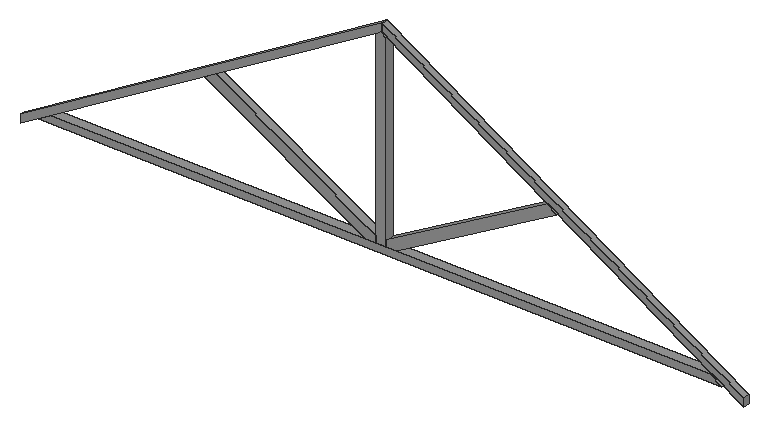
Revit family "QueenPostTruss", category Structural Framing, Revit 2022
Family settings
  Section Shape = Not Defined
  Material for Model Behavior = Wood
  Always export as geometry = No
  OmniClass Number = 23.25.30.21.14
  OmniClass Title = Trussed Beams and Joists
  Work Plane-Based = No
  Always vertical = Yes
  Cut with Voids When Loaded = No
  Symbolic Representation = From Family
  Shared = No
  Show family pre-cut in plan views = Yes
Parameters
  WebWidth [instance] = 120 mm
  WebDepth [instance] = 150 mm
  T_Volume [instance] = 0.00 m³
  TopWidth [instance] = 80 mm
  Structural Material [instance] = Poche
  SpanRight [instance] = 5000 mm
  SpanLeft [instance] = 5000 mm
  Span [instance] = SpanLeft + SpanRight  # 10000 mm
  SlopeRight [instance] = 30.00°
  SlopeLeft [instance] = 30.00°
  OverhangRight [instance] = 300 mm
  OverhangLeft [instance] = 300 mm
  TopDepth [instance] = 100 mm
  BottomWidth [instance] = 150 mm
  BottomDepth [instance] = 100 mm
Reference planes
  plane 1 "Center (Front/Back)": y = 0
  plane 2: z = 0
  plane 3 "Center (Left/Right)": x = 0
  plane 4: x = -5000
  plane 5: x = 5000
  plane 6: x = 5300
  plane 7: x = -5300
  plane 8: z = 100
  plane 9: x = 75
  plane 10: x = -75
  plane 11: x = 2500
  plane 12: x = -2500
Forms (mm)
  Extrusion 1, solid, material "Cherry"
    sketch origin (0, 0, 0) x (1, 0, 0) y (0, 0, 1)
      loop
        line (-5300, -173.205) -> (0, 2886.751) -> (0, 3002.221) -> (-5300, -57.735) -> (-5300, -173.205)
    from -40 to 40
  Extrusion 2, solid, material "Cherry"
    sketch origin (0, 0, 0) x (1, 0, 0) y (0, 0, 1)
      loop
        line (5300, -173.205) -> (5300, -57.735) -> (0, 3002.221) -> (0, 2886.751) -> (5300, -173.205)
    from -40 to 40
  Extrusion 3, solid, material "Cherry"
    sketch origin (0, 0, 0) x (1, 0, 0) y (0, 0, 1)
      loop
        line (-5000, 0) -> (5000, 0) -> (4826.795, 100) -> (-4826.795, 100) -> (-5000, 0)
    from -75 to 75
  Extrusion 4, solid, material "Cherry"
    sketch origin (0, 0, 0) x (1, 0, 0) y (0, 0, 1)
      loop
        line (75, 100) -> (75, 2843.45) -> (0, 2886.751) -> (-75, 2843.45) -> (-75, 100) -> (75, 100)
    from -60 to 60
  Extrusion 5, solid, material "Cherry"
    sketch origin (0, 0, 0) x (1, 0, 0) y (0, 0, 1)
      loop
        line (229.772, 100) -> (2575.787, 1399.62) -> (2424.213, 1487.131) -> (75, 185.739) -> (75, 100) -> (229.772, 100)
    from -60 to 60
  Extrusion 6, solid, material "Cherry"
    sketch origin (0, 0, 0) x (1, 0, 0) y (0, 0, 1)
      loop
        line (-229.772, 100) -> (-75, 100) -> (-75, 185.739) -> (-2424.213, 1487.131) -> (-2575.787, 1399.62) -> (-229.772, 100)
    from -60 to 60
Lines and regions (mm)
  reference lines
    curve 1: line (5000, 0, 0) -> (2315.321, 0, 1550)
    curve 2: line (-5000, 0, 0) -> (-1968.911, 0, 1750)
    curve 3: line (4991.574, 0, 120.335) -> (-8.024, 0, 3006.854)
    curve 4: line (-4966.214, 0, 134.977) -> (-109.65, 0, 2938.915)
    curve 5: line (0, 40, 1939.254) -> (0, 40, -520.746)
    curve 6: line (0, -40, 1939.254) -> (0, -40, -520.746)
    curve 7: line (0, -60, 1939.254) -> (0, -60, -520.746)
    curve 8: line (0, -75, 1939.254) -> (0, -75, -520.746)
    curve 9: line (0, 60, 1939.254) -> (0, 60, -520.746)
    curve 10: line (0, 75, 1939.254) -> (0, 75, -520.746)
    curve 11: line (75, 0, 100) -> (2500, 0, 1443.376)
    curve 12: line (-75, 0, 100) -> (-2500, 0, 1443.376)
    curve 13: line (-88.926, 0, 94.929) -> (2374.346, 0, 1459.506)
    curve 14: line (1.696, 0, -26.348) -> (3007.75, 0, 1638.915)
    curve 15: line (88.926, 0, 94.929) -> (-2374.346, 0, 1459.506)
    curve 16: line (-1.696, 0, -26.348) -> (-2625.654, 0, 1427.245)
Dimensions and locks
  "SpanLeft": plane 3 "Center (Left/Right)" to plane 5
  "SpanRight": plane 3 "Center (Left/Right)" to plane 4
  "OverhangLeft": plane 5 to plane 6
  "OverhangRight": plane 7 to plane 4
  "BottomDepth": level to plane 8
  equal spacing: plane 10, plane 3 "Center (Left/Right)", plane 9
  "WebDepth": plane 10 to plane 9
  "TopDepth": curve 1 to curve 3
  "TopDepth": curve 4 to curve 2
  plane 3 "Center (Left/Right)" to plane 4 = 5000 mm
  equal spacing: plane 3 "Center (Left/Right)", plane 11, plane 5
  equal spacing: curve 5, curve 4, curve 6
  "TopWidth": curve 5 to curve 6
  equal spacing: curve 9, curve 4, curve 7
  "WebWidth": curve 9 to curve 7
  equal spacing: curve 10, curve 4, curve 8
  "BottomWidth": curve 10 to curve 8
  equal spacing: plane 5, plane 11, plane 3 "Center (Left/Right)"
  equal spacing: plane 4, plane 12, plane 3 "Center (Left/Right)"
  equal spacing: curve 14, curve 11, curve 13
  "WebDepth": curve 14 to curve 13
  equal spacing: curve 15, curve 12, curve 16
  "WebDepth": curve 15 to curve 16
  "SlopeLeft": angle level to curve 1
  "SlopeRight": angle curve 2 to level
  aligned and locked: plane 2 to level
  aligned and locked: Extrusion 1 sketch curve to curve 2
  aligned and locked: Extrusion 1 sketch curve to curve 4
  aligned and locked: Extrusion 1 sketch curve to curve 6
  aligned and locked: plane 7 to Extrusion 1 sketch curve
  aligned and locked: Extrusion 2 sketch curve to curve 1
  aligned and locked: Extrusion 2 sketch curve to curve 3
  aligned and locked: Extrusion 2 sketch curve to curve 6
  aligned and locked: Extrusion 2 sketch curve to plane 6
  aligned and locked: Extrusion 3 sketch curve to level
  aligned and locked: Extrusion 3 sketch curve to plane 8
  aligned and locked: Extrusion 1 to Extrusion 3 sketch curve
  aligned and locked: Extrusion 2 to Extrusion 3 sketch curve
  aligned and locked: Extrusion 2 to curve 6
  aligned and locked: Extrusion 2 to curve 5
  aligned and locked: Extrusion 1 to curve 6
  aligned and locked: Extrusion 1 to curve 5
  aligned and locked: Extrusion 3 to curve 8
  aligned and locked: curve 10 to Extrusion 3
  aligned and locked: plane 8 to curve 11
  aligned and locked: Extrusion 4 sketch curve to plane 9
  aligned and locked: plane 10 to Extrusion 4 sketch curve
  aligned and locked: Extrusion 3 to Extrusion 4 sketch curve
  aligned and locked: Extrusion 4 sketch curve to Extrusion 2
  aligned and locked: Extrusion 1 to Extrusion 4 sketch curve
  aligned and locked: curve 14 to Extrusion 5 sketch curve
  aligned and locked: curve 13 to Extrusion 5 sketch curve
  aligned and locked: Extrusion 2 to Extrusion 5 sketch curve
  aligned and locked: Extrusion 5 sketch curve to Extrusion 4
  aligned and locked: Extrusion 3 to Extrusion 5 sketch curve
  aligned and locked: curve 16 to Extrusion 6 sketch curve
  aligned and locked: curve 15 to Extrusion 6 sketch curve
  aligned and locked: Extrusion 1 to Extrusion 6 sketch curve
  aligned and locked: Extrusion 4 to Extrusion 6 sketch curve
  aligned and locked: Extrusion 3 to Extrusion 6 sketch curve
  aligned and locked: curve 9 to Extrusion 6
  aligned and locked: Extrusion 6 to curve 7
  aligned and locked: Extrusion 4 to curve 9
  aligned and locked: Extrusion 4 to curve 7
  aligned and locked: curve 9 to Extrusion 5
  aligned and locked: Extrusion 5 to curve 7
Automatic sketch dimensions
  curve 2 to level = 0 mm
  plane 4 to curve 2 = 0 mm
  curve 12 to plane 12 = 0 mm
  curve 12 to plane 8 = 0 mm
  curve 12 to plane 10 = 0 mm
  plane 9 to curve 11 = 0 mm
  curve 11 to plane 11 = 0 mm
  curve 1 to level = 0 mm
  plane 5 to curve 1 = 0 mm
  curve 4 to plane 4 = 33.786 mm
  curve 16 to plane 12 = 125.654 mm
  plane 12 to curve 15 = 125.654 mm
  curve 4 to plane 10 = 34.65 mm
  curve 3 to plane 3 "Center (Left/Right)" = 8.024 mm
  curve 13 to plane 8 = 5.071 mm
  curve 16 to plane 3 "Center (Left/Right)" = 1.696 mm
  plane 3 "Center (Left/Right)" to curve 14 = 1.696 mm
  curve 15 to plane 8 = 5.071 mm
  plane 11 to curve 13 = 125.654 mm
  curve 14 to plane 11 = 507.75 mm
  plane 5 to curve 3 = 8.426 mm
  curve 10 to level = 520.746 mm
  curve 5 to curve 10 = 0 mm
  curve 8 to curve 5 = 0 mm
  curve 8 to curve 6 = 0 mm  (x2)
  curve 8 to curve 7 = 0 mm  (x2)
  curve 9 to curve 10 = 0 mm  (x2)
  plane 8 to curve 6 = 1839.254 mm
  curve 6 to curve 9 = 0 mm
  curve 5 to curve 9 = 0 mm
